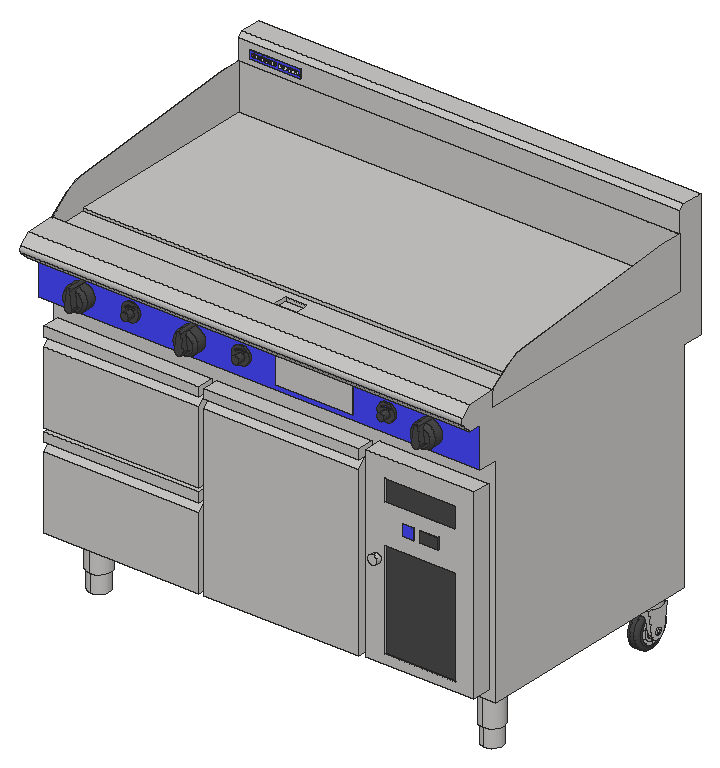
Revit family "QF_MOFFAT_BLUESEAL_CE_GP518-RB", category Specialty Equipment, Revit 2012 (continued)
Definition of nested family "WALDORF LOGO_FACE BASE"
  Forms (mm)
    Extrusion 3, solid, material "QF_Finishes_White", visible <- "Show Logo"
      sketch origin (0, -33.217, 1.588) x (1, 0, 0) y (0, 1, 0)
        loop
          line (78.152, 24.53) -> (78.152, 22.08)
          arc (78.152, 22.08) -> (78.558, 21.098) -> (79.541, 20.691) r 1.389
          line (79.541, 20.691) -> (86.346, 20.691) -> (86.346, 18.864) -> (83.266, 18.864) -> (83.266, 19.664) -> (78.152, 19.664) -> (78.152, 18.553)
          arc (78.152, 18.553) -> (78.558, 17.57) -> (79.541, 17.163) r 1.389
          line (79.541, 17.163) -> (91.063, 17.163)
          arc (91.063, 17.163) -> (92.045, 17.57) -> (92.452, 18.553) r 1.389
          line (92.452, 18.553) -> (92.452, 20.691)
          arc (92.452, 20.691) -> (92.045, 21.673) -> (91.063, 22.08) r 1.389
          line (91.063, 22.08) -> (83.266, 22.08) -> (83.266, 23.984) -> (86.346, 23.984) -> (86.346, 22.743) -> (92.452, 22.743) -> (92.452, 24.571)
          arc (92.452, 24.571) -> (92.057, 25.524) -> (91.104, 25.919) r 1.348
        loop
          line (70.705, 25.919) -> (59.405, 25.919) -> (59.405, 17.163) -> (70.705, 17.163) -> (70.705, 19.063) -> (65.169, 19.063) -> (65.169, 20.437) -> (70.705, 20.437) -> (70.705, 22.278) -> (65.169, 22.278) -> (65.169, 23.587) -> (70.705, 23.587) -> (70.705, 25.919)
        loop
          line (57.598, 25.919) -> (51.7, 25.919) -> (51.7, 20.18)
          arc (51.7, 20.18) -> (50.63, 19.11) -> (49.56, 20.18) r 1.07
          line (49.56, 20.18) -> (49.56, 25.919) -> (43.663, 25.919) -> (43.663, 19.049)
          arc (43.663, 19.049) -> (44.215, 17.716) -> (45.548, 17.163) r 1.885
          line (45.548, 17.163) -> (55.71, 17.163)
          arc (55.71, 17.163) -> (57.045, 17.716) -> (57.598, 19.051) r 1.887
          line (57.598, 19.051) -> (57.598, 25.919)
        loop
          line (31.62, 25.919) -> (31.62, 17.163) -> (43.046, 17.163) -> (43.046, 19.129) -> (37.388, 19.129) -> (37.388, 25.919) -> (31.62, 25.919)
        loop
          line (15.969, 25.919) -> (15.969, 17.163) -> (28.693, 17.163)
          arc (28.693, 17.163) -> (29.812, 17.627) -> (30.276, 18.746) r 1.582
          line (30.276, 18.746) -> (30.276, 20.447) -> (29.48, 21.243) -> (30.276, 22.039) -> (30.276, 24.332)
          arc (30.276, 24.332) -> (29.811, 25.454) -> (28.688, 25.919) r 1.587
          line (28.688, 25.919) -> (15.969, 25.919)
        loop
          line (21.449, 24.159) -> (21.449, 22.436) -> (23.862, 22.436)
          arc (23.862, 22.436) -> (24.723, 23.298) -> (23.862, 24.159) r 0.861
          line (23.862, 24.159) -> (21.449, 24.159)
        loop
          line (21.449, 20.244) -> (21.449, 18.522) -> (23.862, 18.522)
          arc (23.862, 18.522) -> (24.723, 19.383) -> (23.862, 20.244) r 0.861
          line (23.862, 20.244) -> (21.449, 20.244)
      from 0 to 0.2
    Extrusion 4, solid, material "QF_Finishes_Blue", visible <- "Show Logo"
      sketch origin (-126.498, -31.09, 1.588) x (1, 0, 0) y (0, 1, 0)
        loop
          line (136.738, 23.522) -> (136.738, 15.1)
          arc (136.738, 15.1) -> (140.756, 19.311) -> (136.738, 23.522) r 4.216
      from 0 to 0.2
    Extrusion 5, solid, material "QF_Finishes_Red", visible <- "Show Logo"
      sketch origin (146.849, -31.09, 1.588) x (-1, 0, 0) y (0, -1, 0)
        loop
          arc (136.738, -23.522) -> (140.756, -19.311) -> (136.738, -15.1) r 4.216
          line (136.738, -15.1) -> (136.738, -23.522)
      from 0 to 0.2
  Lines and regions (mm)
    Split face 1
      outline origin (-90.35, -30.793, 1.588) x (1, 0, 0) y (0, 1, 0)
        loop
          circle (100.54, 19.013) r 4.536
  Dimensions and locks
    aligned and locked: plane 2 to Extrusion 1
    aligned and locked: level to Extrusion 1
Definition of nested family "GAS GRIDDLE 1200"
  Parameters (values of type "GAS GRIDDLE 1200")
    Width [instance] = 1200.0 mm
    Weight in Pounds = 0
    Watts = 0 W
    Volts = 0 V
    URL Cutsheet = ""
    Type Mark [instance] = ""
    Status [instance] = ""
    Specification by User [instance] = ""
    Specification by Manufacturer = ""
    Show Clearance [instance] = yes
    Serial Number = ""
    Seismic Rating = ""
    SMACNA No = ""
    Revision Code [instance] = ""
    Phase = 1
    Omniclass Number and Title = ""
    Number of Poles [instance] = 1
    NAFEM Spec ID Number = ""
    Min Ckt Ampacity = 0 A
    Mechanical Remarks [instance] = ""
    Mechanical Connection Type [instance] = ""
    Max Overcurrent Protection = 0 A
    Masterspec = ""
    Item Number [instance] = ""
    Installed By [instance] = ""
    Identify Quantity as Lot [instance] = yes
    HP = ""
    Gas Size = 0"
    Gas RI Height [instance] = 0.0 mm
    Gas KW [instance] = 0
    Gas Input [instance] = 0.0 Btu/h
    Gas Connection Height = 0.0 mm
    Furnished By [instance] = ""
    Foodservice Equipment Identifier [instance] = yes
    FL Amps = 0 A
    Electrical Remarks [instance] = ""
    Electric Connection Type [instance] = ""
    Elec Conn RI Height [instance] = 0.0 mm
    Elec Conn Connection Height [instance] = 0.0 mm
    Depth [instance] = 635.0 mm
    Cycle = 0 Hz
    Conn Plug = ""
    Conn Conduit = yes
    CSI MasterFormat = ""
    CSI Master Format = ""
    Apparent Power = if(Phase = 3, Volts * FL Amps * 1.73, Volts * FL Amps)  # 0 VA
  Reference planes
    plane 1 "BACK": y = 0
    plane 2: z = 0
    plane 3 "LEFT": x = 0
    plane 4 "RIGHT": x = 1200
    plane 5 "FRONT": y = -635
    plane 6 "TOP": z = 142.5
    plane 7 "Center Y": x = 600
    plane 8 "Center X": y = -317.5
    plane 9: y = -530.997
    plane 10: y = -541.497
    plane 11: y = -503.25
    plane 12: y = -557.737
  Forms (mm)
    Extrusion 1, solid, material "QF_Finishes_Stainless Steel"
      sketch origin (0, 70.003, -874.5) x (0, 1, 0) y (0, 0, 1)
        loop
          line (-70, 875) -> (-70, 1017) -> (-127.048, 1017) -> (-604.533, 971.023)
          arc (-604.533, 971.023) -> (-629.56, 965.303) -> (-652.306, 953.399) r 100
          line (-652.306, 953.399) -> (-705.003, 916.5) -> (-705.003, 875) -> (-70, 875)
      from 0 to 1.8
    Extrusion 2, solid, material "QF_Finishes_Stainless Steel"
      sketch origin (600, 70.003, -874.5) x (0, -1, 0) y (0, 0, 1)
        loop
          line (70, 875) -> (705.003, 875) -> (705.003, 916.5) -> (652.306, 953.399)
          arc (652.306, 953.399) -> (629.56, 965.303) -> (604.533, 971.023) r 100
          line (604.533, 971.023) -> (127.048, 1017) -> (70, 1017) -> (70, 875)
      from -600 to -598.8
    Extrusion 3, solid, material "QF_Finishes_Stainless Steel"
      sketch origin (150, 70.003, -874.5) x (0, 1, 0) y (0, 0, 1)
        loop
          line (-70.003, 894) -> (-602.103, 894) -> (-602.103, 884.5) -> (-683.795, 884.5) -> (-683.795, 895) -> (-705.003, 895) -> (-705.003, 875) -> (-70.003, 875) -> (-70.003, 894)
      from -148.2 to 1048.8
    Extrusion 4, void
      sketch origin (150, -561.497, 10) x (0, -1, 0) y (1, 0, 0)
        loop
          line (-9.205, 420) -> (29.295, 420) -> (29.295, 480) -> (-9.205, 480) -> (-9.205, 420)
      from -41.4 to 40.142
    Extrusion 5, solid, material "QF_Finishes_Stainless Steel"
      sketch origin (0, 0, 0) x (1, 0, 0) y (0, 1, 0)
        loop
          line (1.8, 0) -> (1.8, -1.2) -> (1198.8, -1.2) -> (1198.8, 0) -> (1.8, 0)
      from 19.5 to 142.5
  Cuts and joins
    Extrusion 4 cuts Extrusion 3
    joined: Extrusion 1, Extrusion 2, Extrusion 3
  Lines and regions (mm)
    symbolic lines
      curve 1: line (1200, -532.1, 0) -> (0, -532.1, 0)
      curve 2: line (0, -613.792, 0) -> (1200, -613.792, 0)
      curve 3: line (0, 0, 0) -> (1200, 0, 0)
      curve 4: line (1200, 0, 0) -> (1200, -635, 0)
      curve 5: line (0, -635, 0) -> (0, 0, 0)
      curve 6: line (0, -635, 0) -> (1200, -635, 0)
      curve 7: line (570, -552.292, 0) -> (630, -552.292, 0)
      curve 8: line (570, -590.792, 0) -> (570, -552.292, 0)
      curve 9: line (630, -590.792, 0) -> (570, -590.792, 0)
      curve 10: line (630, -552.292, 0) -> (630, -590.792, 0)
  Dimensions and locks
    equal spacing: plane 3 "LEFT", plane 7 "Center Y", plane 4 "RIGHT"
    "Width": plane 3 "LEFT" to plane 4 "RIGHT"
    equal spacing: plane 5 "FRONT", plane 8 "Center X", plane 1 "BACK"
    "Depth": plane 5 "FRONT" to plane 1 "BACK"
    locked: Extrusion 2 to Extrusion 2 at 1.2
    aligned and locked: level to plane 2
    aligned and locked: Extrusion 2 to plane 4 "RIGHT"
    aligned and locked: cut or joined group of Extrusion 1, Extrusion 2, Extrusion 3, Extrusion 4 to cut or joined group of Extrusion 1, Extrusion 2, Extrusion 3, Extrusion 4
  Automatic sketch dimensions
    Extrusion 1 sketch curve to plane 5 "FRONT" = 0.0 mm
    Extrusion 1 sketch curve to plane 6 "TOP" = 0.0 mm
    plane 12 to Extrusion 1 sketch curve = 24.566 mm
    Extrusion 1 sketch curve to plane 12 = 23.207 mm
    Extrusion 1 sketch curve to level = 3.016 mm
    plane 11 to Extrusion 1 sketch curve = 21.695 mm
    plane 1 "BACK" to Extrusion 1 sketch curve = 57.045 mm
    Extrusion 1 sketch curve to plane 1 "BACK" = 0.003 mm
    level to Extrusion 1 sketch curve = 0.5 mm
    Extrusion 1 sketch curve to Extrusion 1 sketch curve = 41.5 mm
    Extrusion 1 sketch curve to plane 6 "TOP" = 63.601 mm
    Extrusion 2 sketch curve to plane 6 "TOP" = 0.0 mm
    Extrusion 2 sketch curve to plane 5 "FRONT" = 0.0 mm
    plane 12 to Extrusion 2 sketch curve = 24.566 mm
    Extrusion 2 sketch curve to plane 12 = 23.207 mm
    Extrusion 2 sketch curve to level = 3.016 mm
    plane 11 to Extrusion 2 sketch curve = 21.695 mm
    plane 1 "BACK" to Extrusion 2 sketch curve = 57.045 mm
    Extrusion 2 sketch curve to plane 1 "BACK" = 0.003 mm
    level to Extrusion 2 sketch curve = 0.5 mm
    Extrusion 2 sketch curve to Extrusion 2 sketch curve = 41.5 mm
    Extrusion 2 sketch curve to plane 6 "TOP" = 63.601 mm
    Extrusion 3 sketch curve to plane 5 "FRONT" = 0.0 mm
    Extrusion 3 sketch curve to plane 1 "BACK" = 0.0 mm
    level to Extrusion 3 sketch curve = 10.0 mm
    Extrusion 3 sketch curve to plane 5 "FRONT" = 21.208 mm
    plane 9 to Extrusion 3 sketch curve = 1.103 mm
    level to Extrusion 3 sketch curve = 0.5 mm
    Extrusion 3 sketch curve to Extrusion 3 sketch curve = 10.5 mm
    Extrusion 3 sketch curve to Extrusion 3 sketch curve = 9.5 mm
    Extrusion 4 sketch curve to plane 12 = 5.445 mm
    plane 12 to Extrusion 4 sketch curve = 33.055 mm
    Extrusion 4 sketch curve to plane 7 "Center Y" = 30.0 mm
    Extrusion 4 sketch curve to Extrusion 4 sketch curve = 60.0 mm
    plane 1 "BACK" to Extrusion 5 sketch curve = 0.0 mm
    plane 3 "LEFT" to Extrusion 5 sketch curve = 1.8 mm
    plane 4 "RIGHT" to Extrusion 5 sketch curve = 1.2 mm
    Extrusion 5 sketch curve to Extrusion 5 sketch curve = 1.2 mm
    curve 6 to plane 3 "LEFT" = 0.0 mm
    curve 4 to plane 4 "RIGHT" = 0.0 mm
    plane 5 "FRONT" to curve 6 = 0.0 mm
    plane 1 "BACK" to curve 3 = 0.0 mm
    curve 8 to plane 12 = 5.445 mm
    curve 8 to plane 7 "Center Y" = 30.0 mm
    curve 7 to curve 10 = 60.0 mm
    curve 2 to plane 5 "FRONT" = 21.208 mm
    plane 12 to curve 9 = 33.055 mm
    curve 1 to plane 12 = 25.637 mm
